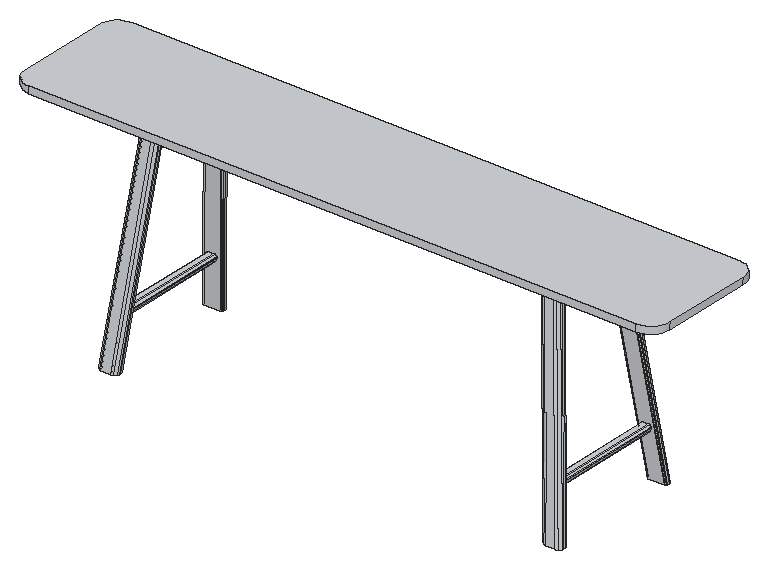
Revit family "Bernhardt_Design-Tables-Freestanding-Frame_42h_Narrow-Blueprint", category Furniture, Revit 2016
Family settings
  OmniClass Number = 23.40.20.00
  OmniClass Title = General Furniture and Specialties
  Work Plane-Based = No
  Always vertical = Yes
  Cut with Voids When Loaded = No
  Shared = No
  Room Calculation Point = No
Parameters (values of type "BPS-COV-AARR000")
  Wood = none
  URL = "http://www.bernhardtdesign.com"
  TotalWidth = 120"
  TotalDepth = 24"
  TableWidth = TotalWidth / 2  # 60"
  TableTopHeight = TotalHeight - 1 1/4"  # 40 3/4"
  TotalHeight = 42"
  TableTop = none
  TableDepth = TotalDepth / 2  # 12"
  Spacer_96in = no
  Spacer_72in = yes
  Spacer_120in = yes
  SKU = "BPS-COV-AARR000"
  RailCapFront = RailCap + 2"  # 2"
  RailCap = 0"
  Model = "Blueprint"  # constant formula
  Manufacturer = "Bernhardt Design"  # constant formula
  Railing_bottom = -Railing_top  # -34 1/2"
  Railing_top = CapDistance - 2"  # 34 1/2"
  LegDistance = 20"
  LegHeight = TableTopHeight  # 40 3/4"
  Copyright © = "Copyright © Bernhardt Design"  # constant formula
  Catalog = SKU  # "BPS-COV-AARR000"
  CapDistance = 36 1/2"
  Blueprint Gray = Blueprint Gray
  BlackPaint = Black Paint
  Authoring Version = "Autodesk Revit 2016"  # constant formula
Types (7): name | TotalWidth | TotalDepth | TableWidth | TableDepth | Spacer_96in | Spacer_72in | Spacer_120in | SKU | Railing_bottom | Railing_top | Catalog | CapDistance
  (no name) | 120" | 24" | 60" | 12" | no | yes | yes | "BPS-COV-AARR000" | -34 1/2" | 34 1/2" | "BPS-COV-AARR000" | 36 1/2"
  BPS-CG0-AARR000 | 72" | 30" | 36" | 15" | no | yes | no | "BPS-CG0-AARR000" | -22 1/2" | 22 1/2" | "BPS-CG0-AARR000" | 24 1/2"
  BPS-CK0-AARR000 | 96" | 30" | 48" | 15" | yes | no | no | "BPS-CK0-AARR000" | -34 1/2" | 34 1/2" | "BPS-CK0-AARR000" | 36 1/2"
  BPS-CO0-AARR000 | 120" | 30" | 60" | 15" | no | yes | yes | "BPS-CO0-AARR000" | -34 1/2" | 34 1/2" | "BPS-CO0-AARR000" | 36 1/2"
  BPS-COV-AARR000 | 120" | 24" | 60" | 12" | no | yes | yes | "BPS-COV-AARR000" | -34 1/2" | 34 1/2" | "BPS-COV-AARR000" | 36 1/2"
  BPS-CGV-AARR000 | 72" | 24" | 36" | 12" | no | yes | no | "BPS-CGV-AARR000" | -22 1/2" | 22 1/2" | "BPS-CGV-AARR000" | 24 1/2"
  BPS-CKV-AARR000 | 96" | 24" | 48" | 12" | yes | no | no | "BPS-CKV-AARR000" | -34 1/2" | 34 1/2" | "BPS-CKV-AARR000" | 36 1/2"
Reference planes (in)
  plane 1 "Center Front/Back": y = 0
  plane 2: z = 0
  plane 3 "Center Left/Right": x = 0
  plane 4 "railTop_plane": z = 39.8248
  plane 5 "TableTop_plane": z = 42
  plane 6 "tableBottom_plane": z = 40.75
  plane 7 "railBottom_plane": z = 37.79724
  plane 8 "Crossbar_top_plane": y = 12.06057
  plane 9 "Crossbar_bottom_plane": y = -12.16143
  plane 10 "width_left_plane": x = -60
  plane 11 "width_right_plane": x = 60
  plane 12 "depth_top_plane": y = 12
  plane 13 "depth_bottom_plane": y = -12
  plane 14 "RailEnd_right_plane": x = 36.5
  plane 15 "RailEnd_left_plane": x = -36.5
  plane 16 "EndCap_right_plane": x = 38.24932
  plane 17 "EndCap_left_plane": x = -38.24269
Forms (in)
  Extrusion 1, solid, material <- "TableTop"
    sketch origin (0, 0, 0) x (1, 0, 0) y (0, 1, 0)
      loop
        arc (-56.5, 12) -> (-58.97487, 10.97487) -> (-60, 8.5) r 3.5
        line (-60, 8.5) -> (-60, -8.5)
        arc (-60, -8.5) -> (-58.97487, -10.97487) -> (-56.5, -12) r 3.5
        line (-56.5, -12) -> (56.5, -12)
        arc (56.5, -12) -> (58.97487, -10.97487) -> (60, -8.5) r 3.5
        line (60, -8.5) -> (60, 8.5)
        arc (60, 8.5) -> (58.97487, 10.97487) -> (56.5, 12) r 3.5
        line (56.5, 12) -> (-56.5, 12)
    from 42 <- "TotalHeight" to 40.75 <- "TableTopHeight"
  Extrusion 2, solid, material "Blueprint Gray" <- "Blueprint Gray"
    sketch origin (0, -6.68362, 17.41142) x (0, -1, 0) y (0, 0, 1)
      loop
        arc (-2.89738, 22.41338) -> (-2.95224, 22.39066) -> (-2.97496, 22.3358) r 0.07758
        line (-2.97496, 22.3358) -> (-2.97496, 20.46243)
        arc (-2.97496, 20.46243) -> (-2.95253, 20.40826) -> (-2.89836, 20.38583) r 0.0766
        line (-2.89836, 20.38583) -> (-1.25924, 20.38583)
        arc (-1.25924, 20.38583) -> (-1.20443, 20.40853) -> (-1.18173, 20.46334) r 0.07751
        line (-1.18173, 20.46334) -> (-1.18173, 22.334)
        arc (-1.18173, 22.334) -> (-1.20498, 22.39013) -> (-1.26111, 22.41338) r 0.07938
        line (-1.26111, 22.41338) -> (-2.89738, 22.41338)
      loop
        arc (-12.10603, 22.41338) -> (-12.16089, 22.39066) -> (-12.18362, 22.3358) r 0.07758
        line (-12.18362, 22.3358) -> (-12.18362, 20.46243)
        arc (-12.18362, 20.46243) -> (-12.16118, 20.40826) -> (-12.10701, 20.38583) r 0.0766
        line (-12.10701, 20.38583) -> (-10.4679, 20.38583)
        arc (-10.4679, 20.38583) -> (-10.41309, 20.40853) -> (-10.39038, 20.46334) r 0.07751
        line (-10.39038, 20.46334) -> (-10.39038, 22.334)
        arc (-10.39038, 22.334) -> (-10.41363, 22.39013) -> (-10.46976, 22.41338) r 0.07938
        line (-10.46976, 22.41338) -> (-12.10603, 22.41338)
    from -34.5 <- "Railing_bottom" to 34.5 <- "Railing_top"
  Extrusion 3, solid, material "Blueprint Gray" <- "Blueprint Gray"
    sketch origin (36.5, 0, 0) x (0, 0, -1) y (0, -1, 0)
      loop
        line (-40.75, -5.53436) -> (-37.7432, -5.53436) -> (-37.7432, -3.65936) -> (-40.75, -3.65936) -> (-40.75, -5.53436)
      loop
        line (-40.75, 3.65936) -> (-37.7432, 3.65936) -> (-37.7432, 5.52374) -> (-40.75, 5.52374) -> (-40.75, 3.65936)
    from 0 <- "RailCap" to 2 <- "RailCapFront"
  Extrusion 4, solid, material "Blueprint Gray" <- "Blueprint Gray"
    sketch origin (-36.5, 0, 0) x (0, 0, 1) y (0, -1, 0)
      loop
        line (40.75, -5.53436) -> (40.75, -3.65936) -> (37.7432, -3.65936) -> (37.7432, -5.53436) -> (40.75, -5.53436)
      loop
        line (40.75, 3.65936) -> (40.75, 5.52374) -> (37.7432, 5.52374) -> (37.7432, 3.65936) -> (40.75, 3.65936)
    from 0 <- "RailCap" to 2 <- "RailCapFront"
  Extrusion 5, solid, material <- "Wood"
    sketch origin (0, 0, 0) x (1, 0, 0) y (0, 0, 1)
      loop
        line (36.5, 40.75) -> (36.5, 36.22889) -> (38.24269, 36.22889) -> (37.7675, 40.75) -> (36.5, 40.75)
    from -7.05092 to 7.07519
  Extrusion 6, solid, material <- "Wood"
    sketch origin (0, 0, 0) x (1, 0, 0) y (0, 0, 1)
      loop
        line (-36.5, 40.75) -> (-37.74488, 40.75) -> (-38.22006, 36.22889) -> (-36.5, 36.22889) -> (-36.5, 40.75)
    from -7.01541 to 7.01752
  Extrusion 7, solid, material "Blueprint Gray" <- "Blueprint Gray", visible <- "Spacer_72in"
    sketch origin (13.14909, 0, 0) x (0, -1, 0) y (0, 0, 1)
      loop
        line (-5.50051, 40.75) -> (-5.50051, 39.8248) -> (-3.6733, 39.8248) -> (-3.6733, 40.75) -> (-5.50051, 40.75)
      loop
        line (3.66998, 40.75) -> (3.66998, 39.8248) -> (5.49719, 39.8248) -> (5.49719, 40.75) -> (3.66998, 40.75)
    from 12.39763 to 13.89763
  Extrusion 8, solid, material <- "Wood"
    sketch origin (1.2199, -12.16143, 0) x (1, 0, 0) y (0, 0, 1)
      loop
        line (39.69577, 10) -> (38.71417, 10)
        arc (38.71417, 10) -> (38.61805, 9.97957) -> (38.53855, 9.92181) r 0.23632
        line (38.53855, 9.92181) -> (38.26444, 9.60649)
        arc (38.26444, 9.60649) -> (38.229, 9.54977) -> (38.21282, 9.48488) r 0.21376
        line (38.21282, 9.48488) -> (38.21282, 9.40601)
        arc (38.21282, 9.40601) -> (38.21502, 9.36995) -> (38.22161, 9.33443) r 0.29589
        line (38.22161, 9.33443) -> (38.52287, 8.76783)
        arc (38.52287, 8.76783) -> (38.62397, 8.6613) -> (38.7655, 8.62205) r 0.27478
        line (38.7655, 8.62205) -> (39.64444, 8.62205)
        arc (39.64444, 8.62205) -> (39.78597, 8.6613) -> (39.88706, 8.76783) r 0.27478
        line (39.88706, 8.76783) -> (40.18833, 9.33443)
        arc (40.18833, 9.33443) -> (40.19492, 9.36995) -> (40.19712, 9.40601) r 0.29589
        line (40.19712, 9.40601) -> (40.19712, 9.48488)
        arc (40.19712, 9.48488) -> (40.18094, 9.54977) -> (40.1455, 9.60649) r 0.21376
        line (40.1455, 9.60649) -> (39.87139, 9.92181)
        arc (39.87139, 9.92181) -> (39.79189, 9.97957) -> (39.69577, 10) r 0.23632
    from -1.81338 to -22.5
  Extrusion 9, solid, material <- "Wood"
    sketch origin (-35.68981, -12.16143, 0) x (1, 0, 0) y (0, 0, 1)
      loop
        line (-4.30423, 10) -> (-5.28583, 10)
        arc (-5.28583, 10) -> (-5.38195, 9.97957) -> (-5.46145, 9.92181) r 0.23632
        line (-5.46145, 9.92181) -> (-5.73556, 9.60649)
        arc (-5.73556, 9.60649) -> (-5.771, 9.54977) -> (-5.78718, 9.48488) r 0.21376
        line (-5.78718, 9.48488) -> (-5.78718, 9.40601)
        arc (-5.78718, 9.40601) -> (-5.78498, 9.36995) -> (-5.77839, 9.33443) r 0.29589
        line (-5.77839, 9.33443) -> (-5.47713, 8.76783)
        arc (-5.47713, 8.76783) -> (-5.37603, 8.6613) -> (-5.2345, 8.62205) r 0.27478
        line (-5.2345, 8.62205) -> (-4.35556, 8.62205)
        arc (-4.35556, 8.62205) -> (-4.21403, 8.6613) -> (-4.11294, 8.76783) r 0.27478
        line (-4.11294, 8.76783) -> (-3.81167, 9.33443)
        arc (-3.81167, 9.33443) -> (-3.80508, 9.36995) -> (-3.80288, 9.40601) r 0.29589
        line (-3.80288, 9.40601) -> (-3.80288, 9.48488)
        arc (-3.80288, 9.48488) -> (-3.81906, 9.54977) -> (-3.8545, 9.60649) r 0.21376
        line (-3.8545, 9.60649) -> (-4.12861, 9.92181)
        arc (-4.12861, 9.92181) -> (-4.20811, 9.97957) -> (-4.30423, 10) r 0.23632
    from -1.81338 to -22.5
  Blend 10, solid, material <- "Wood"
    base sketch origin (13.28914, 0, 0) x (1, 0, 0) y (0, 1, 0)
      loop
        line (-53.79539, 13.14095) -> (-55.51528, 13.14095)
        arc (-55.51528, 13.14095) -> (-55.71506, 13.09666) -> (-55.87741, 12.97209) r 0.47272
        line (-55.87741, 12.97209) -> (-56.44214, 12.53088)
        arc (-56.44214, 12.53088) -> (-56.52568, 12.43477) -> (-56.56714, 12.31437) r 0.33368
        line (-56.56714, 12.31437) -> (-56.56714, 11.95591)
        arc (-56.56714, 11.95591) -> (-56.55053, 11.86176) -> (-56.50273, 11.77896) r 0.2753
        line (-56.50273, 11.77896) -> (-56.36805, 11.64428)
        arc (-56.36805, 11.64428) -> (-56.28777, 11.59314) -> (-56.1934, 11.58071) r 0.21989
        line (-56.1934, 11.58071) -> (-53.11726, 11.58071)
        arc (-53.11726, 11.58071) -> (-53.02289, 11.59314) -> (-52.94262, 11.64428) r 0.21989
        line (-52.94262, 11.64428) -> (-52.80794, 11.77896)
        arc (-52.80794, 11.77896) -> (-52.76013, 11.86176) -> (-52.74353, 11.95591) r 0.2753
        line (-52.74353, 11.95591) -> (-52.74353, 12.31437)
        arc (-52.74353, 12.31437) -> (-52.78499, 12.43477) -> (-52.86853, 12.53088) r 0.33368
        line (-52.86853, 12.53088) -> (-53.43326, 12.97209)
        arc (-53.43326, 12.97209) -> (-53.59561, 13.09666) -> (-53.79539, 13.14095) r 0.47272
    top sketch origin (13.28914, 0, 0) x (1, 0, 0) y (0, 1, 0)
      loop
        line (-49.77681, 8.28477) -> (-51.4967, 8.28477)
        arc (-51.4967, 8.28477) -> (-51.69648, 8.24048) -> (-51.85883, 8.11591) r 0.47272
        line (-51.85883, 8.11591) -> (-52.42356, 7.6747)
        arc (-52.42356, 7.6747) -> (-52.5071, 7.57859) -> (-52.54856, 7.45819) r 0.33368
        line (-52.54856, 7.45819) -> (-52.54856, 7.09974)
        arc (-52.54856, 7.09974) -> (-52.53196, 7.00558) -> (-52.48415, 6.92278) r 0.2753
        line (-52.48415, 6.92278) -> (-52.34947, 6.7881)
        arc (-52.34947, 6.7881) -> (-52.2692, 6.73696) -> (-52.17483, 6.72454) r 0.21989
        line (-52.17483, 6.72454) -> (-49.09869, 6.72454)
        arc (-49.09869, 6.72454) -> (-49.00432, 6.73696) -> (-48.92404, 6.7881) r 0.21989
        line (-48.92404, 6.7881) -> (-48.78936, 6.92278)
        arc (-48.78936, 6.92278) -> (-48.74156, 7.00558) -> (-48.72495, 7.09974) r 0.2753
        line (-48.72495, 7.09974) -> (-48.72495, 7.45819)
        arc (-48.72495, 7.45819) -> (-48.76641, 7.57859) -> (-48.84995, 7.6747) r 0.33368
        line (-48.84995, 7.6747) -> (-49.41468, 8.11591)
        arc (-49.41468, 8.11591) -> (-49.57703, 8.24048) -> (-49.77681, 8.28477) r 0.47272
    from 0 to 40.75 <- "LegHeight"
  Blend 11, solid, material <- "Wood"
    base sketch origin (-13.27452, 0, 0) x (-1, 0, 0) y (0, -1, 0)
      loop
        arc (-53.74857, -13.21217) -> (-53.54879, -13.16788) -> (-53.38644, -13.04331) r 0.47272
        line (-53.38644, -13.04331) -> (-52.82171, -12.60209)
        arc (-52.82171, -12.60209) -> (-52.73817, -12.50599) -> (-52.69671, -12.38558) r 0.33368
        line (-52.69671, -12.38558) -> (-52.69671, -12.02713)
        arc (-52.69671, -12.02713) -> (-52.71332, -11.93297) -> (-52.76112, -11.85017) r 0.2753
        line (-52.76112, -11.85017) -> (-52.8958, -11.71549)
        arc (-52.8958, -11.71549) -> (-52.97608, -11.66435) -> (-53.07045, -11.65193) r 0.21989
        line (-53.07045, -11.65193) -> (-56.14659, -11.65193)
        arc (-56.14659, -11.65193) -> (-56.24096, -11.66435) -> (-56.32123, -11.71549) r 0.21989
        line (-56.32123, -11.71549) -> (-56.45591, -11.85017)
        arc (-56.45591, -11.85017) -> (-56.50372, -11.93297) -> (-56.52032, -12.02713) r 0.2753
        line (-56.52032, -12.02713) -> (-56.52032, -12.38558)
        arc (-56.52032, -12.38558) -> (-56.47886, -12.50599) -> (-56.39532, -12.60209) r 0.33368
        line (-56.39532, -12.60209) -> (-55.83059, -13.04331)
        arc (-55.83059, -13.04331) -> (-55.66824, -13.16788) -> (-55.46847, -13.21217) r 0.47272
        line (-55.46847, -13.21217) -> (-53.74857, -13.21217)
    top sketch origin (-13.27452, 0, 0) x (-1, 0, 0) y (0, -1, 0)
      loop
        arc (-49.56413, -8.24366) -> (-49.36435, -8.19937) -> (-49.202, -8.0748) r 0.47272
        line (-49.202, -8.0748) -> (-48.63727, -7.63358)
        arc (-48.63727, -7.63358) -> (-48.55373, -7.53748) -> (-48.51227, -7.41708) r 0.33368
        line (-48.51227, -7.41708) -> (-48.51227, -7.05862)
        arc (-48.51227, -7.05862) -> (-48.52887, -6.96447) -> (-48.57668, -6.88167) r 0.2753
        line (-48.57668, -6.88167) -> (-48.71136, -6.74699)
        arc (-48.71136, -6.74699) -> (-48.79163, -6.69585) -> (-48.886, -6.68342) r 0.21989
        line (-48.886, -6.68342) -> (-51.96214, -6.68342)
        arc (-51.96214, -6.68342) -> (-52.05651, -6.69585) -> (-52.13679, -6.74699) r 0.21989
        line (-52.13679, -6.74699) -> (-52.27147, -6.88167)
        arc (-52.27147, -6.88167) -> (-52.31927, -6.96447) -> (-52.33588, -7.05862) r 0.2753
        line (-52.33588, -7.05862) -> (-52.33588, -7.41708)
        arc (-52.33588, -7.41708) -> (-52.29442, -7.53748) -> (-52.21088, -7.63358) r 0.33368
        line (-52.21088, -7.63358) -> (-51.64615, -8.0748)
        arc (-51.64615, -8.0748) -> (-51.4838, -8.19937) -> (-51.28402, -8.24366) r 0.47272
        line (-51.28402, -8.24366) -> (-49.56413, -8.24366)
    from 0 to 40.75 <- "LegHeight"
  Blend 12, solid, material <- "Wood"
    base sketch origin (13.28914, 0, 0) x (1, 0, 0) y (0, 1, 0)
      loop
        arc (-53.79538, -13.12558) -> (-53.5956, -13.08129) -> (-53.43326, -12.95671) r 0.47272
        line (-53.43326, -12.95671) -> (-52.86853, -12.5155)
        arc (-52.86853, -12.5155) -> (-52.78499, -12.41939) -> (-52.74353, -12.29899) r 0.33368
        line (-52.74353, -12.29899) -> (-52.74353, -11.94054)
        arc (-52.74353, -11.94054) -> (-52.76013, -11.84638) -> (-52.80794, -11.76358) r 0.2753
        line (-52.80794, -11.76358) -> (-52.94261, -11.6289)
        arc (-52.94261, -11.6289) -> (-53.02289, -11.57776) -> (-53.11726, -11.56534) r 0.21989
        line (-53.11726, -11.56534) -> (-56.1934, -11.56534)
        arc (-56.1934, -11.56534) -> (-56.28777, -11.57776) -> (-56.36805, -11.6289) r 0.21989
        line (-56.36805, -11.6289) -> (-56.50273, -11.76358)
        arc (-56.50273, -11.76358) -> (-56.55053, -11.84638) -> (-56.56713, -11.94054) r 0.2753
        line (-56.56713, -11.94054) -> (-56.56713, -12.29899)
        arc (-56.56713, -12.29899) -> (-56.52568, -12.41939) -> (-56.44213, -12.5155) r 0.33368
        line (-56.44213, -12.5155) -> (-55.8774, -12.95671)
        arc (-55.8774, -12.95671) -> (-55.71506, -13.08129) -> (-55.51528, -13.12558) r 0.47272
        line (-55.51528, -13.12558) -> (-53.79538, -13.12558)
    top sketch origin (13.28914, 0, 0) x (1, 0, 0) y (0, 1, 0)
      loop
        arc (-49.56413, -8.24348) -> (-49.36435, -8.19919) -> (-49.202, -8.07462) r 0.47272
        line (-49.202, -8.07462) -> (-48.63727, -7.6334)
        arc (-48.63727, -7.6334) -> (-48.55373, -7.5373) -> (-48.51227, -7.4169) r 0.33368
        line (-48.51227, -7.4169) -> (-48.51227, -7.05844)
        arc (-48.51227, -7.05844) -> (-48.52887, -6.96428) -> (-48.57668, -6.88148) r 0.2753
        line (-48.57668, -6.88148) -> (-48.71136, -6.74681)
        arc (-48.71136, -6.74681) -> (-48.79163, -6.69566) -> (-48.886, -6.68324) r 0.21989
        line (-48.886, -6.68324) -> (-51.96214, -6.68324)
        arc (-51.96214, -6.68324) -> (-52.05651, -6.69566) -> (-52.13679, -6.74681) r 0.21989
        line (-52.13679, -6.74681) -> (-52.27147, -6.88148)
        arc (-52.27147, -6.88148) -> (-52.31927, -6.96428) -> (-52.33588, -7.05844) r 0.2753
        line (-52.33588, -7.05844) -> (-52.33588, -7.4169)
        arc (-52.33588, -7.4169) -> (-52.29442, -7.5373) -> (-52.21088, -7.6334) r 0.33368
        line (-52.21088, -7.6334) -> (-51.64615, -8.07462)
        arc (-51.64615, -8.07462) -> (-51.4838, -8.19919) -> (-51.28402, -8.24348) r 0.47272
        line (-51.28402, -8.24348) -> (-49.56413, -8.24348)
    from 0 to 40.75 <- "LegHeight"
  Blend 13, solid, material <- "Wood"
    base sketch origin (-13.03914, 0, 0) x (-1, 0, 0) y (0, -1, 0)
      loop
        line (-53.61292, 13.20842) -> (-55.33282, 13.20842)
        arc (-55.33282, 13.20842) -> (-55.5326, 13.16413) -> (-55.69494, 13.03956) r 0.47272
        line (-55.69494, 13.03956) -> (-56.25967, 12.59834)
        arc (-56.25967, 12.59834) -> (-56.34322, 12.50224) -> (-56.38467, 12.38184) r 0.33368
        line (-56.38467, 12.38184) -> (-56.38467, 12.02338)
        arc (-56.38467, 12.02338) -> (-56.36807, 11.92923) -> (-56.32027, 11.84643) r 0.2753
        line (-56.32027, 11.84643) -> (-56.18559, 11.71175)
        arc (-56.18559, 11.71175) -> (-56.10531, 11.66061) -> (-56.01094, 11.64818) r 0.21989
        line (-56.01094, 11.64818) -> (-52.9348, 11.64818)
        arc (-52.9348, 11.64818) -> (-52.84043, 11.66061) -> (-52.76015, 11.71175) r 0.21989
        line (-52.76015, 11.71175) -> (-52.62548, 11.84643)
        arc (-52.62548, 11.84643) -> (-52.57767, 11.92923) -> (-52.56107, 12.02338) r 0.2753
        line (-52.56107, 12.02338) -> (-52.56107, 12.38184)
        arc (-52.56107, 12.38184) -> (-52.60253, 12.50224) -> (-52.68607, 12.59834) r 0.33368
        line (-52.68607, 12.59834) -> (-53.2508, 13.03956)
        arc (-53.2508, 13.03956) -> (-53.41314, 13.16413) -> (-53.61292, 13.20842) r 0.47272
    top sketch origin (-13.03914, 0, 0) x (-1, 0, 0) y (0, -1, 0)
      loop
        line (-49.43376, 8.24501) -> (-51.15366, 8.24501)
        arc (-51.15366, 8.24501) -> (-51.35344, 8.20072) -> (-51.51578, 8.07614) r 0.47272
        line (-51.51578, 8.07614) -> (-52.08051, 7.63493)
        arc (-52.08051, 7.63493) -> (-52.16405, 7.53882) -> (-52.20551, 7.41842) r 0.33368
        line (-52.20551, 7.41842) -> (-52.20551, 7.05997)
        arc (-52.20551, 7.05997) -> (-52.18891, 6.96581) -> (-52.1411, 6.88301) r 0.2753
        line (-52.1411, 6.88301) -> (-52.00643, 6.74833)
        arc (-52.00643, 6.74833) -> (-51.92615, 6.69719) -> (-51.83178, 6.68477) r 0.21989
        line (-51.83178, 6.68477) -> (-48.75564, 6.68477)
        arc (-48.75564, 6.68477) -> (-48.66127, 6.69719) -> (-48.58099, 6.74833) r 0.21989
        line (-48.58099, 6.74833) -> (-48.44631, 6.88301)
        arc (-48.44631, 6.88301) -> (-48.39851, 6.96581) -> (-48.38191, 7.05997) r 0.2753
        line (-48.38191, 7.05997) -> (-48.38191, 7.41842)
        arc (-48.38191, 7.41842) -> (-48.42336, 7.53882) -> (-48.50691, 7.63493) r 0.33368
        line (-48.50691, 7.63493) -> (-49.07164, 8.07614)
        arc (-49.07164, 8.07614) -> (-49.23398, 8.20072) -> (-49.43376, 8.24501) r 0.47272
    from 0 to 40.75 <- "LegHeight"
  Extrusion 14, solid, material "Blueprint Gray" <- "Blueprint Gray", visible <- "Spacer_72in"
    sketch origin (-26.8509, 0, 0) x (0, -1, 0) y (0, 0, -1)
      loop
        line (-5.50051, -40.75) -> (-3.6733, -40.75) -> (-3.6733, -39.8248) -> (-5.50051, -39.8248) -> (-5.50051, -40.75)
      loop
        line (3.65936, -40.75) -> (5.48657, -40.75) -> (5.48657, -39.8248) -> (3.65936, -39.8248) -> (3.65936, -40.75)
    from 12.39763 to 13.89763
  Extrusion 15, solid, material "Blueprint Gray" <- "Blueprint Gray", visible <- "Spacer_72in"
    sketch origin (-13.14616, 0, 0) x (0, -1, 0) y (0, 0, -1)
      loop
        line (-5.50051, -40.75) -> (-3.6733, -40.75) -> (-3.6733, -39.8248) -> (-5.50051, -39.8248) -> (-5.50051, -40.75)
      loop
        line (3.66998, -40.75) -> (5.49719, -40.75) -> (5.49719, -39.8248) -> (3.66998, -39.8248) -> (3.66998, -40.75)
    from 12.39763 to 13.89763
  Extrusion 16, solid, material "Blueprint Gray" <- "Blueprint Gray", visible <- "Spacer_72in"
    sketch origin (26.85381, 0, 0) x (0, -1, 0) y (0, 0, 1)
      loop
        line (-5.50051, 40.75) -> (-5.50051, 39.8248) -> (-3.6733, 39.8248) -> (-3.6733, 40.75) -> (-5.50051, 40.75)
      loop
        line (3.66998, 40.75) -> (3.66998, 39.8248) -> (5.49719, 39.8248) -> (5.49719, 40.75) -> (3.66998, 40.75)
    from 12.39763 to 13.89763
  Extrusion 17, solid, material "Blueprint Gray" <- "Blueprint Gray", visible <- "Spacer_96in"
    sketch origin (-31.18159, 0, 0) x (0, -1, 0) y (0, 0, -1)
      loop
        line (-5.50051, -40.75) -> (-3.6733, -40.75) -> (-3.6733, -39.8248) -> (-5.50051, -39.8248) -> (-5.50051, -40.75)
      loop
        line (3.65936, -40.75) -> (5.48657, -40.75) -> (5.48657, -39.8248) -> (3.65936, -39.8248) -> (3.65936, -40.75)
    from 12.39763 to 13.89763
  Extrusion 18, solid, material "Blueprint Gray" <- "Blueprint Gray", visible <- "Spacer_96in"
    sketch origin (-13.14616, 0, 0) x (0, -1, 0) y (0, 0, -1)
      loop
        line (-5.50051, -40.75) -> (-3.6733, -40.75) -> (-3.6733, -39.8248) -> (-5.50051, -39.8248) -> (-5.50051, -40.75)
      loop
        line (3.65936, -40.75) -> (5.48657, -40.75) -> (5.48657, -39.8248) -> (3.65936, -39.8248) -> (3.65936, -40.75)
    from 12.39763 to 13.89763
  Extrusion 19, solid, material "Blueprint Gray" <- "Blueprint Gray", visible <- "Spacer_96in"
    sketch origin (4.88927, 0, 0) x (0, -1, 0) y (0, 0, -1)
      loop
        line (-5.50051, -40.75) -> (-3.6733, -40.75) -> (-3.6733, -39.8248) -> (-5.50051, -39.8248) -> (-5.50051, -40.75)
      loop
        line (3.65936, -40.75) -> (5.48657, -40.75) -> (5.48657, -39.8248) -> (3.65936, -39.8248) -> (3.65936, -40.75)
    from 12.39763 to 13.89763
  Extrusion 20, solid, material "Blueprint Gray" <- "Blueprint Gray", visible <- "Spacer_120in"
    sketch origin (-40.55563, 0, 0) x (0, -1, 0) y (0, 0, -1)
      loop
        line (-5.50051, -40.75) -> (-3.6733, -40.75) -> (-3.6733, -39.8248) -> (-5.50051, -39.8248) -> (-5.50051, -40.75)
      loop
        line (3.65936, -40.75) -> (5.48657, -40.75) -> (5.48657, -39.8248) -> (3.65936, -39.8248) -> (3.65936, -40.75)
    from 12.39763 to 13.89763
  Extrusion 21, solid, material "Blueprint Gray" <- "Blueprint Gray", visible <- "Spacer_120in"
    sketch origin (14.26326, 0, 0) x (0, -1, 0) y (0, 0, -1)
      loop
        line (-5.50051, -40.75) -> (-3.6733, -40.75) -> (-3.6733, -39.8248) -> (-5.50051, -39.8248) -> (-5.50051, -40.75)
      loop
        line (3.65936, -40.75) -> (5.48657, -40.75) -> (5.48657, -39.8248) -> (3.65936, -39.8248) -> (3.65936, -40.75)
    from 12.39763 to 13.89763
Dimensions and locks (in)
  "TotalHeight": plane 5 "TableTop_plane" to level
  "TableDepth": plane 1 "Center Front/Back" to plane 12 "depth_top_plane"
  "TableDepth": plane 13 "depth_bottom_plane" to plane 1 "Center Front/Back"
  "TableWidth": plane 10 "width_left_plane" to plane 3 "Center Left/Right"
  "TableWidth": plane 3 "Center Left/Right" to plane 11 "width_right_plane"
  locked: plane 16 "EndCap_right_plane" to Extrusion 5 at 1.74932
  locked: plane 17 "EndCap_left_plane" to plane 15 "RailEnd_left_plane" at 1.74269
  locked: plane 14 "RailEnd_right_plane" to plane 16 "EndCap_right_plane" at 1.74932
  plane 17 "EndCap_left_plane" to Extrusion 6 = 1.74269"
  "CapDistance": plane 15 "RailEnd_left_plane" to plane 3 "Center Left/Right"
  "CapDistance": plane 3 "Center Left/Right" to plane 14 "RailEnd_right_plane"
  plane 9 "Crossbar_bottom_plane" to Extrusion 8 = 22 1/2"
  locked: plane 5 "TableTop_plane" to plane 7 "railBottom_plane" at 4.20276
  locked: plane 4 "railTop_plane" to plane 7 "railBottom_plane" at 2.02756
  locked: plane 6 "tableBottom_plane" to plane 4 "railTop_plane" at 0.9252
  locked: Blend 11 to Blend 11 at 8.00805
  locked: Blend 13 to Blend 13 at 8.00277
  locked: Blend 12 to Blend 12 at 8.05486
  locked: Blend 10 to Blend 10 at 7.84218
  radius of Extrusion 1 sketch curve = 3 1/2"  (x2)
  aligned and locked: level to plane 2
  aligned and locked: Extrusion 1 to plane 12 "depth_top_plane"
  aligned and locked: plane 11 "width_right_plane" to Extrusion 1
  aligned and locked: Extrusion 1 to plane 10 "width_left_plane"
  aligned and locked: plane 13 "depth_bottom_plane" to Extrusion 1
  aligned and locked: plane 15 "RailEnd_left_plane" to Extrusion 6
Automatic sketch dimensions
  Extrusion 1 sketch curve to plane 10 "width_left_plane" = 0"
  plane 13 "depth_bottom_plane" to Extrusion 1 sketch curve = 0"
  plane 12 "depth_top_plane" to Extrusion 1 sketch curve = 0"
  Extrusion 1 sketch curve to plane 11 "width_right_plane" = 0"
  plane 10 "width_left_plane" to Extrusion 1 sketch curve = 3 1/2"  (x2)
  plane 7 "railBottom_plane" to Extrusion 2 sketch curve = 0"  (x2)
  plane 4 "railTop_plane" to Extrusion 2 sketch curve = 0"  (x2)
  Extrusion 2 sketch curve to plane 7 "railBottom_plane" = 0.0766"  (x2)
  Extrusion 2 sketch curve to plane 1 "Center Front/Back" = 5 1/2"
  Extrusion 2 sketch curve to Extrusion 2 sketch curve = 0.07758"
  Extrusion 2 sketch curve to Extrusion 2 sketch curve = 1.63627"  (x2)
  Extrusion 2 sketch curve to plane 7 "railBottom_plane" = 0.07751"  (x2)
  Extrusion 2 sketch curve to Extrusion 2 sketch curve = 1.63912"  (x2)
  plane 4 "railTop_plane" to Extrusion 2 sketch curve = 0.07758"
  plane 1 "Center Front/Back" to Extrusion 2 sketch curve = 3.70865"
  Extrusion 3 sketch curve to plane 6 "tableBottom_plane" = 0"  (x2)
  plane 7 "railBottom_plane" to Extrusion 3 sketch curve = 0.05404"  (x2)
  Extrusion 3 sketch curve to plane 1 "Center Front/Back" = 5.53436"
  Extrusion 3 sketch curve to Extrusion 3 sketch curve = 1 7/8"
  plane 1 "Center Front/Back" to Extrusion 3 sketch curve = 3.65936"
  Extrusion 3 sketch curve to Extrusion 3 sketch curve = 1.86438"
  Extrusion 4 sketch curve to plane 6 "tableBottom_plane" = 0"  (x2)
  plane 7 "railBottom_plane" to Extrusion 4 sketch curve = 0.05404"  (x2)
  Extrusion 4 sketch curve to plane 1 "Center Front/Back" = 5.53436"
  Extrusion 4 sketch curve to Extrusion 4 sketch curve = 1 7/8"
  plane 1 "Center Front/Back" to Extrusion 4 sketch curve = 3.65936"
  Extrusion 4 sketch curve to Extrusion 4 sketch curve = 1.86438"
  plane 14 "RailEnd_right_plane" to Extrusion 5 sketch curve = 0"
  Extrusion 5 sketch curve to plane 6 "tableBottom_plane" = 0"
  plane 16 "EndCap_right_plane" to Extrusion 5 sketch curve = 0.48182"
  plane 16 "EndCap_right_plane" to Extrusion 5 sketch curve = 0.00663"
  plane 7 "railBottom_plane" to Extrusion 5 sketch curve = 1.56835"
  Extrusion 6 sketch curve to plane 6 "tableBottom_plane" = 0"
  Extrusion 6 sketch curve to plane 15 "RailEnd_left_plane" = 0"
  plane 17 "EndCap_left_plane" to Extrusion 6 sketch curve = 0.49781"
  plane 17 "EndCap_left_plane" to Extrusion 6 sketch curve = 0.02263"
  plane 7 "railBottom_plane" to Extrusion 6 sketch curve = 1.56835"
  plane 4 "railTop_plane" to Extrusion 7 sketch curve = 0"  (x2)
  Extrusion 7 sketch curve to plane 6 "tableBottom_plane" = 0"  (x2)
  Extrusion 7 sketch curve to plane 1 "Center Front/Back" = 5.50051"
  Extrusion 7 sketch curve to Extrusion 7 sketch curve = 1.82721"  (x2)
  plane 1 "Center Front/Back" to Extrusion 7 sketch curve = 3.66998"
  Extrusion 8 sketch curve to plane 16 "EndCap_right_plane" = 1.1834"
  Extrusion 8 sketch curve to Extrusion 8 sketch curve = 0.00879"
  Extrusion 8 sketch curve to Extrusion 8 sketch curve = 0.05162"  (x2)
  Extrusion 8 sketch curve to Extrusion 8 sketch curve = 0.16133"  (x2)
  Extrusion 8 sketch curve to Extrusion 8 sketch curve = 0.08294"  (x2)
  Extrusion 8 sketch curve to Extrusion 8 sketch curve = 0.01417"
  Extrusion 8 sketch curve to Extrusion 8 sketch curve = 0.27411"
  Extrusion 8 sketch curve to Extrusion 8 sketch curve = 0.17562"  (x2)
  Extrusion 8 sketch curve to Extrusion 8 sketch curve = 0.24262"  (x2)
  Extrusion 8 sketch curve to Extrusion 8 sketch curve = 0.87895"
  Extrusion 8 sketch curve to Extrusion 8 sketch curve = 0.9816"
  Extrusion 8 sketch curve to Extrusion 8 sketch curve = 0.20546"
  Extrusion 8 sketch curve to Extrusion 8 sketch curve = 0.20416"
  level to Extrusion 8 sketch curve = 8.62205"
  Extrusion 8 sketch curve to Extrusion 8 sketch curve = 0.14578"  (x2)
  Extrusion 8 sketch curve to Extrusion 8 sketch curve = 0.5666"  (x2)
  Extrusion 8 sketch curve to Extrusion 8 sketch curve = 0.06023"  (x2)
  Extrusion 8 sketch curve to Extrusion 8 sketch curve = 0.07886"  (x2)
  Extrusion 8 sketch curve to Extrusion 8 sketch curve = 0.35767"  (x2)
  Extrusion 8 sketch curve to Extrusion 8 sketch curve = 0.15813"
  Extrusion 9 sketch curve to plane 17 "EndCap_left_plane" = 3.2343"
  Extrusion 9 sketch curve to Extrusion 9 sketch curve = 0.00879"
  Extrusion 9 sketch curve to Extrusion 9 sketch curve = 0.05162"  (x2)
  Extrusion 9 sketch curve to Extrusion 9 sketch curve = 0.16133"  (x2)
  Extrusion 9 sketch curve to Extrusion 9 sketch curve = 0.08294"  (x2)
  Extrusion 9 sketch curve to Extrusion 9 sketch curve = 0.01417"
  Extrusion 9 sketch curve to Extrusion 9 sketch curve = 0.27411"
  Extrusion 9 sketch curve to Extrusion 9 sketch curve = 0.17562"  (x2)
  Extrusion 9 sketch curve to Extrusion 9 sketch curve = 0.24262"  (x2)
  Extrusion 9 sketch curve to Extrusion 9 sketch curve = 0.87895"
  Extrusion 9 sketch curve to Extrusion 9 sketch curve = 0.9816"
  Extrusion 9 sketch curve to Extrusion 9 sketch curve = 0.20546"
  Extrusion 9 sketch curve to Extrusion 9 sketch curve = 0.20416"
  level to Extrusion 9 sketch curve = 8.62205"
  Extrusion 9 sketch curve to Extrusion 9 sketch curve = 0.14578"  (x2)
  Extrusion 9 sketch curve to Extrusion 9 sketch curve = 0.5666"  (x2)
  Extrusion 9 sketch curve to Extrusion 9 sketch curve = 0.06023"  (x2)
  Extrusion 9 sketch curve to Extrusion 9 sketch curve = 0.07886"  (x2)
  Extrusion 9 sketch curve to Extrusion 9 sketch curve = 0.35767"  (x2)
  Extrusion 9 sketch curve to Extrusion 9 sketch curve = 0.15813"
  Blend 10 sketch curve to plane 8 "Crossbar_top_plane" = 0.10465"
  Blend 10 sketch curve to plane 17 "EndCap_left_plane" = 5.0353"
  Blend 10 sketch curve to plane 8 "Crossbar_top_plane" = 0.28161"  (x2)
  Blend 10 sketch curve to Blend 10 sketch curve = 0.06441"  (x2)
  plane 8 "Crossbar_top_plane" to Blend 10 sketch curve = 0.47031"  (x2)
  Blend 10 sketch curve to Blend 10 sketch curve = 1/8"  (x4)
  Blend 10 sketch curve to plane 8 "Crossbar_top_plane" = 0.41629"  (x2)
  Blend 10 sketch curve to Blend 10 sketch curve = 0.13468"  (x6)
  plane 8 "Crossbar_top_plane" to Blend 10 sketch curve = 0.20736"  (x2)
  Blend 10 sketch curve to Blend 10 sketch curve = 0.05514"  (x2)
  Blend 10 sketch curve to Blend 10 sketch curve = 0.07927"  (x4)
  Blend 10 sketch curve to Blend 10 sketch curve = 0.17465"  (x4)
  plane 8 "Crossbar_top_plane" to Blend 10 sketch curve = 0.91152"  (x2)
  Blend 10 sketch curve to Blend 10 sketch curve = 0.56473"
  Blend 10 sketch curve to Blend 10 sketch curve = 0.36212"  (x2)
  plane 8 "Crossbar_top_plane" to Blend 10 sketch curve = 0.60767"
  Blend 10 sketch curve to Blend 10 sketch curve = 1.7199"
  Blend 10 sketch curve to Blend 10 sketch curve = 0.67812"
  Blend 10 sketch curve to Blend 10 sketch curve = 0.01916"  (x2)
  Blend 10 sketch curve to Blend 10 sketch curve = 0.02413"  (x2)
  Blend 10 sketch curve to Blend 10 sketch curve = 0.20544"  (x2)
  Blend 10 sketch curve to Blend 10 sketch curve = 0.06357"  (x3)
  Blend 10 sketch curve to plane 17 "EndCap_left_plane" = 1.01673"
  Blend 10 sketch curve to Blend 10 sketch curve = 0.2753"
  Blend 10 sketch curve to plane 17 "EndCap_left_plane" = 0.327"
  plane 17 "EndCap_left_plane" to Blend 10 sketch curve = 0.03513"
  plane 15 "RailEnd_left_plane" to Blend 10 sketch curve = 0.01234"
  plane 15 "RailEnd_left_plane" to Blend 10 sketch curve = 0.37446"
  plane 15 "RailEnd_left_plane" to Blend 10 sketch curve = 0.69046"
  Blend 10 sketch curve to plane 8 "Crossbar_top_plane" = 5.33603"
  Blend 10 sketch curve to Blend 10 sketch curve = 0.31202"  (x2)
  Blend 10 sketch curve to Blend 10 sketch curve = 0.04644"  (x2)
  Blend 10 sketch curve to Blend 10 sketch curve = 0.4003"  (x2)
  Blend 10 sketch curve to Blend 10 sketch curve = 0.30386"
  Blend 11 sketch curve to plane 8 "Crossbar_top_plane" = 0.03344"  (x2)
  Blend 11 sketch curve to plane 16 "EndCap_right_plane" = 4.99648"
  Blend 11 sketch curve to plane 8 "Crossbar_top_plane" = 0.2104"  (x2)
  Blend 11 sketch curve to Blend 11 sketch curve = 0.06441"  (x2)
  plane 8 "Crossbar_top_plane" to Blend 11 sketch curve = 0.54152"  (x2)
  Blend 11 sketch curve to Blend 11 sketch curve = 1/8"  (x3)
  Blend 11 sketch curve to plane 8 "Crossbar_top_plane" = 0.34507"  (x2)
  Blend 11 sketch curve to Blend 11 sketch curve = 0.13468"  (x6)
  plane 8 "Crossbar_top_plane" to Blend 11 sketch curve = 0.27858"
  Blend 11 sketch curve to Blend 11 sketch curve = 0.05514"  (x2)
  Blend 11 sketch curve to Blend 11 sketch curve = 0.07927"  (x4)
  Blend 11 sketch curve to Blend 11 sketch curve = 0.17465"  (x4)
  plane 8 "Crossbar_top_plane" to Blend 11 sketch curve = 0.98274"  (x2)
  Blend 11 sketch curve to Blend 11 sketch curve = 0.56473"
  Blend 11 sketch curve to Blend 11 sketch curve = 0.36212"  (x3)
  plane 8 "Crossbar_top_plane" to Blend 11 sketch curve = 0.67888"
  Blend 11 sketch curve to Blend 11 sketch curve = 1.7199"
  Blend 11 sketch curve to Blend 11 sketch curve = 0.67812"
  Blend 11 sketch curve to Blend 11 sketch curve = 0.01916"  (x2)
  Blend 11 sketch curve to Blend 11 sketch curve = 0.02413"  (x2)
  Blend 11 sketch curve to Blend 11 sketch curve = 0.20544"  (x2)
  Blend 11 sketch curve to Blend 11 sketch curve = 0.21651"
  Blend 11 sketch curve to Blend 11 sketch curve = 0.15615"
  plane 16 "EndCap_right_plane" to Blend 11 sketch curve = 0.81204"
  Blend 11 sketch curve to Blend 11 sketch curve = 0.21089"
  plane 16 "EndCap_right_plane" to Blend 11 sketch curve = 0.12231"
  Blend 11 sketch curve to plane 16 "EndCap_right_plane" = 0.23981"
  Blend 11 sketch curve to plane 14 "RailEnd_right_plane" = 0.21039"
  Blend 11 sketch curve to plane 14 "RailEnd_right_plane" = 0.88852"
  plane 8 "Crossbar_top_plane" to Blend 11 sketch curve = 5.37714"
  Blend 11 sketch curve to Blend 11 sketch curve = 0.06357"  (x2)
  Blend 11 sketch curve to Blend 11 sketch curve = 0.31202"  (x2)
  Blend 11 sketch curve to Blend 11 sketch curve = 0.04644"  (x2)
  Blend 11 sketch curve to Blend 11 sketch curve = 0.4003"  (x2)
  Blend 11 sketch curve to Blend 11 sketch curve = 0.30386"
  Blend 12 sketch curve to plane 9 "Crossbar_bottom_plane" = 0.22089"
  Blend 12 sketch curve to plane 17 "EndCap_left_plane" = 5.0353"
  Blend 12 sketch curve to plane 9 "Crossbar_bottom_plane" = 0.39785"  (x2)
  Blend 12 sketch curve to Blend 12 sketch curve = 0.06441"  (x2)
  plane 9 "Crossbar_bottom_plane" to Blend 12 sketch curve = 0.35407"  (x2)
  Blend 12 sketch curve to Blend 12 sketch curve = 1/8"  (x3)
  Blend 12 sketch curve to plane 9 "Crossbar_bottom_plane" = 0.53252"  (x2)
  Blend 12 sketch curve to Blend 12 sketch curve = 0.13468"  (x6)
  plane 9 "Crossbar_bottom_plane" to Blend 12 sketch curve = 0.09113"  (x2)
  Blend 12 sketch curve to Blend 12 sketch curve = 0.05514"  (x2)
  Blend 12 sketch curve to Blend 12 sketch curve = 0.07927"  (x4)
  Blend 12 sketch curve to Blend 12 sketch curve = 0.17465"  (x4)
  plane 9 "Crossbar_bottom_plane" to Blend 12 sketch curve = 0.79529"  (x2)
  Blend 12 sketch curve to Blend 12 sketch curve = 0.56473"
  Blend 12 sketch curve to Blend 12 sketch curve = 0.36212"  (x3)
  plane 9 "Crossbar_bottom_plane" to Blend 12 sketch curve = 0.49143"
  Blend 12 sketch curve to Blend 12 sketch curve = 1.7199"
  Blend 12 sketch curve to Blend 12 sketch curve = 0.67812"
  Blend 12 sketch curve to Blend 12 sketch curve = 0.01916"  (x2)
  Blend 12 sketch curve to Blend 12 sketch curve = 0.02413"  (x2)
  Blend 12 sketch curve to Blend 12 sketch curve = 0.20544"  (x2)
  plane 9 "Crossbar_bottom_plane" to Blend 12 sketch curve = 0.13757"
  Blend 12 sketch curve to Blend 12 sketch curve = 0.15615"
  plane 17 "EndCap_left_plane" to Blend 12 sketch curve = 0.80404"
  Blend 12 sketch curve to Blend 12 sketch curve = 0.2753"
  plane 17 "EndCap_left_plane" to Blend 12 sketch curve = 0.11431"
  Blend 12 sketch curve to plane 17 "EndCap_left_plane" = 0.24781"
  Blend 12 sketch curve to plane 15 "RailEnd_left_plane" = 0.22502"
  Blend 12 sketch curve to plane 15 "RailEnd_left_plane" = 0.90314"
  plane 9 "Crossbar_bottom_plane" to Blend 12 sketch curve = 5.47819"
  Blend 12 sketch curve to Blend 12 sketch curve = 0.06357"  (x2)
  Blend 12 sketch curve to Blend 12 sketch curve = 0.31202"  (x2)
  Blend 12 sketch curve to Blend 12 sketch curve = 0.04644"  (x2)
  Blend 12 sketch curve to Blend 12 sketch curve = 0.4003"  (x2)
  Blend 12 sketch curve to Blend 12 sketch curve = 0.30386"
  Blend 13 sketch curve to plane 9 "Crossbar_bottom_plane" = 0.13804"
  Blend 13 sketch curve to plane 16 "EndCap_right_plane" = 5.09621"
  Blend 13 sketch curve to plane 9 "Crossbar_bottom_plane" = 0.315"  (x2)
  Blend 13 sketch curve to Blend 13 sketch curve = 0.06441"  (x2)
  plane 9 "Crossbar_bottom_plane" to Blend 13 sketch curve = 0.43692"  (x2)
  Blend 13 sketch curve to Blend 13 sketch curve = 1/8"  (x3)
  Blend 13 sketch curve to plane 9 "Crossbar_bottom_plane" = 0.44968"  (x2)
  Blend 13 sketch curve to Blend 13 sketch curve = 0.13468"  (x6)
  plane 9 "Crossbar_bottom_plane" to Blend 13 sketch curve = 0.17397"  (x2)
  Blend 13 sketch curve to Blend 13 sketch curve = 0.05514"  (x2)
  Blend 13 sketch curve to Blend 13 sketch curve = 0.07927"  (x4)
  Blend 13 sketch curve to Blend 13 sketch curve = 0.17465"  (x4)
  plane 9 "Crossbar_bottom_plane" to Blend 13 sketch curve = 0.87813"  (x2)
  Blend 13 sketch curve to Blend 13 sketch curve = 0.56473"
  Blend 13 sketch curve to Blend 13 sketch curve = 0.36212"  (x3)
  plane 9 "Crossbar_bottom_plane" to Blend 13 sketch curve = 0.57428"
  Blend 13 sketch curve to Blend 13 sketch curve = 1.7199"
  Blend 13 sketch curve to Blend 13 sketch curve = 0.67812"
  Blend 13 sketch curve to Blend 13 sketch curve = 0.01916"  (x2)
  Blend 13 sketch curve to Blend 13 sketch curve = 0.02413"  (x2)
  Blend 13 sketch curve to Blend 13 sketch curve = 0.20544"  (x2)
  plane 9 "Crossbar_bottom_plane" to Blend 13 sketch curve = 0.22041"
  Blend 13 sketch curve to Blend 13 sketch curve = 0.06357"  (x3)
  Blend 13 sketch curve to plane 16 "EndCap_right_plane" = 0.91705"
  Blend 13 sketch curve to Blend 13 sketch curve = 0.2753"
  Blend 13 sketch curve to plane 16 "EndCap_right_plane" = 0.22732"
  plane 16 "EndCap_right_plane" to Blend 13 sketch curve = 0.13481"
  plane 14 "RailEnd_right_plane" to Blend 13 sketch curve = 0.10538"
  plane 14 "RailEnd_right_plane" to Blend 13 sketch curve = 0.78351"
  Blend 13 sketch curve to plane 9 "Crossbar_bottom_plane" = 5.47666"
  Blend 13 sketch curve to Blend 13 sketch curve = 0.31202"  (x2)
  Blend 13 sketch curve to Blend 13 sketch curve = 0.04644"  (x2)
  Blend 13 sketch curve to Blend 13 sketch curve = 0.4003"  (x2)
  Blend 13 sketch curve to Blend 13 sketch curve = 0.30386"
  plane 4 "railTop_plane" to Extrusion 14 sketch curve = 0"  (x2)
  Extrusion 14 sketch curve to plane 6 "tableBottom_plane" = 0"  (x2)
  Extrusion 14 sketch curve to plane 1 "Center Front/Back" = 5.50051"
  Extrusion 14 sketch curve to Extrusion 14 sketch curve = 1.82721"  (x2)
  plane 1 "Center Front/Back" to Extrusion 14 sketch curve = 3.65936"
  plane 4 "railTop_plane" to Extrusion 15 sketch curve = 0"  (x2)
  Extrusion 15 sketch curve to plane 6 "tableBottom_plane" = 0"  (x2)
  Extrusion 15 sketch curve to plane 1 "Center Front/Back" = 5.50051"
  Extrusion 15 sketch curve to Extrusion 15 sketch curve = 1.82721"  (x2)
  plane 1 "Center Front/Back" to Extrusion 15 sketch curve = 3.66998"
  plane 4 "railTop_plane" to Extrusion 16 sketch curve = 0"  (x2)
  Extrusion 16 sketch curve to plane 6 "tableBottom_plane" = 0"  (x2)
  Extrusion 16 sketch curve to plane 1 "Center Front/Back" = 5.50051"
  Extrusion 16 sketch curve to Extrusion 16 sketch curve = 1.82721"  (x2)
  plane 1 "Center Front/Back" to Extrusion 16 sketch curve = 3.66998"
  plane 4 "railTop_plane" to Extrusion 17 sketch curve = 0"  (x2)
  Extrusion 17 sketch curve to plane 6 "tableBottom_plane" = 0"  (x2)
  Extrusion 17 sketch curve to plane 1 "Center Front/Back" = 5.50051"
  Extrusion 17 sketch curve to Extrusion 17 sketch curve = 1.82721"  (x2)
  plane 1 "Center Front/Back" to Extrusion 17 sketch curve = 3.65936"
  plane 4 "railTop_plane" to Extrusion 18 sketch curve = 0"  (x2)
  Extrusion 18 sketch curve to plane 6 "tableBottom_plane" = 0"  (x2)
  Extrusion 18 sketch curve to plane 1 "Center Front/Back" = 5.50051"
  Extrusion 18 sketch curve to Extrusion 18 sketch curve = 1.82721"  (x2)
  plane 1 "Center Front/Back" to Extrusion 18 sketch curve = 3.65936"
  plane 4 "railTop_plane" to Extrusion 19 sketch curve = 0"  (x2)
  Extrusion 19 sketch curve to plane 6 "tableBottom_plane" = 0"  (x2)
  Extrusion 19 sketch curve to plane 1 "Center Front/Back" = 5.50051"
  Extrusion 19 sketch curve to Extrusion 19 sketch curve = 1.82721"  (x2)
  plane 1 "Center Front/Back" to Extrusion 19 sketch curve = 3.65936"
  plane 4 "railTop_plane" to Extrusion 20 sketch curve = 0"  (x2)
  Extrusion 20 sketch curve to plane 6 "tableBottom_plane" = 0"  (x2)
  Extrusion 20 sketch curve to plane 1 "Center Front/Back" = 5.50051"
  Extrusion 20 sketch curve to Extrusion 20 sketch curve = 1.82721"  (x2)
  plane 1 "Center Front/Back" to Extrusion 20 sketch curve = 3.65936"
  plane 4 "railTop_plane" to Extrusion 21 sketch curve = 0"  (x2)
  Extrusion 21 sketch curve to plane 6 "tableBottom_plane" = 0"  (x2)
  Extrusion 21 sketch curve to plane 1 "Center Front/Back" = 5.50051"
  Extrusion 21 sketch curve to Extrusion 21 sketch curve = 1.82721"  (x2)
  plane 1 "Center Front/Back" to Extrusion 21 sketch curve = 3.65936"
